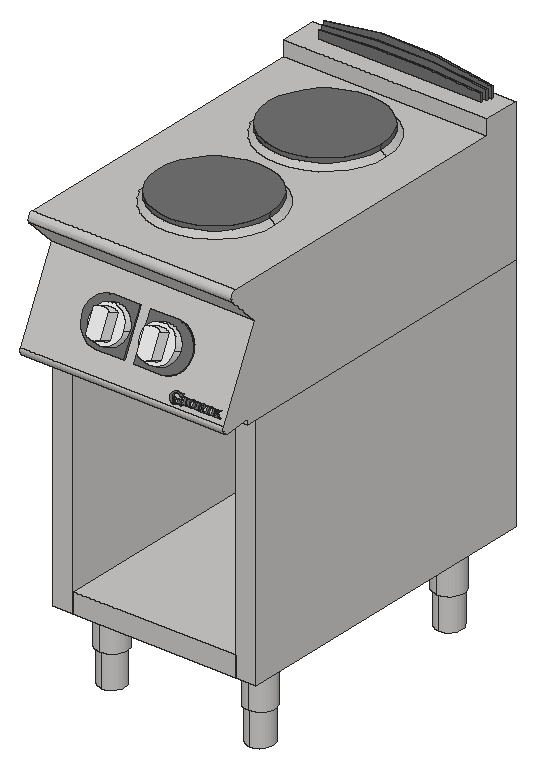
Revit family "QF_GIORIK_CE72TG", category Specialty Equipment, Revit 2014
Parameters (values of type "CE72TG")
  Weight in Pounds = 132.2772
  Watts = 5200 W
  Volts = 400 V
  URL Cutsheet = "www.giorik.com"
  URL = "www.giorik.com"
  Status [instance] = ""
  Specification by User [instance] = ""
  Specification by Manufacturer = ""
  Show Logo [instance] = yes
  Show Clearance [instance] = yes
  Serial Number = ""
  Seismic Rating = ""
  SMACNA No = ""
  Revision Code [instance] = ""
  Phase = 3
  Number of Poles [instance] = 3
  NAFEM Spec ID Number = ""
  Model = "CE72TG"
  Min Ckt Ampacity = 0 A
  Max Overcurrent Protection = 0 A
  Masterspec = ""
  Manufacturer = "GIORIK"
  Item Number [instance] = ""
  Installed By [instance] = ""
  Identify Quantity as Lot [instance] = no
  HP = "6.973304000000"
  Furnished By [instance] = ""
  Foodservice Equipment Identifier [instance] = yes
  FL Amps = 0 A
  Electrical Remarks [instance] = ""
  Electric Connection Type [instance] = ""
  Elec Conn RI Height [instance] = 0 mm
  Elec Conn Connection Height [instance] = 150 mm
  Description = "2 ELECTRIC ROUND PLATE HOB ON OPEN BASE UNIT"
  Cycle = 50 Hz
  Conn Plug = ""
  CSI MasterFormat = ""
  Assembly Code = "E1090320"
  Apparent Power = 5200 VA
Reference planes
  plane 1 "Back": y = 0
  plane 2: z = 0
  plane 3 "Left": x = 0
  plane 4 "Right": x = 400
  plane 5 "Front": y = -720
  plane 6 "Top": z = 900
Forms (mm)
  Extrusion 1, solid, visible <- "Show Logo"
    sketch origin (196.604, -736.761, 609.486) x (-1, 0, 0) y (0, 0.452718, 0.891654)
      loop
        line (-118.824, 58.358) -> (-127.804, 58.358) -> (-125.523, 56.445) -> (-125.523, 48.027) -> (-127.804, 46.113) -> (-118.824, 46.113) -> (-121.105, 48.027) -> (-121.105, 56.445) -> (-118.824, 58.358)
      loop
        line (-163.721, 58.358) -> (-172.7, 58.358) -> (-170.42, 56.445) -> (-170.42, 48.027) -> (-172.7, 46.113) -> (-163.721, 46.113) -> (-166.001, 48.027) -> (-166.001, 56.445) -> (-163.721, 58.358)
      loop
        line (-174.332, 58.358) -> (-183.312, 58.358) -> (-181.031, 56.445) -> (-181.031, 52.435) -> (-186.419, 56.955) -> (-184.416, 58.358) -> (-191.268, 58.358) -> (-188.01, 56.839) -> (-185.455, 54.283) -> (-190.846, 47.858) -> (-193.396, 46.93) -> (-193.396, 46.113) -> (-184.416, 46.113) -> (-185.437, 47.571) -> (-182.443, 51.552) -> (-181.031, 50.894) -> (-181.031, 48.027) -> (-183.312, 46.113) -> (-174.332, 46.113) -> (-176.613, 48.027) -> (-176.613, 56.445) -> (-174.332, 58.358)
      loop
        line (-115.429, 62.063) -> (-115.429, 54.198)
        arc (-115.429, 54.198) -> (-111.618, 57.803) -> (-106.847, 59.986) r 16.039
        arc (-106.847, 59.986) -> (-103.314, 59.837) -> (-100.512, 57.68) r 5.851
        arc (-100.512, 57.68) -> (-98.815, 52.267) -> (-100.512, 46.853) r 9.479
        arc (-100.512, 46.853) -> (-102.406, 44.986) -> (-104.846, 43.93) r 7.236
        arc (-104.846, 43.93) -> (-107.728, 44.111) -> (-110.052, 45.825) r 5.11
        line (-110.052, 45.825) -> (-110.052, 52.001) -> (-116.141, 52.001) -> (-116.141, 45.503) -> (-117.893, 43.751) -> (-114.094, 44.769)
        arc (-114.094, 44.769) -> (-112.56, 44.947) -> (-111.129, 44.366) r 3.115
        arc (-111.129, 44.366) -> (-104.216, 42.091) -> (-97.303, 44.366) r 11.641
        arc (-97.303, 44.366) -> (-93.396, 52.107) -> (-97.303, 59.849) r 9.622
        arc (-97.303, 59.849) -> (-104.369, 62.174) -> (-111.435, 59.849) r 11.898
        line (-111.435, 59.849) -> (-115.429, 62.063)
      loop
        arc (-129.234, 56.068) -> (-135.893, 58.628) -> (-142.552, 56.068) r 9.941
        arc (-142.552, 56.068) -> (-144.234, 52.286) -> (-142.552, 48.505) r 5.093
        arc (-142.552, 48.505) -> (-135.893, 45.945) -> (-129.234, 48.505) r 9.941
        arc (-129.234, 48.505) -> (-127.552, 52.286) -> (-129.234, 56.068) r 5.093
      loop
        arc (-132.628, 54.403) -> (-135.893, 57.668) -> (-139.158, 54.403) r 3.265
        line (-139.158, 54.403) -> (-139.158, 50.169)
        arc (-139.158, 50.169) -> (-135.893, 46.904) -> (-132.628, 50.169) r 3.265
        line (-132.628, 50.169) -> (-132.628, 54.403)
      loop
        arc (-156.363, 58.365) -> (-159.647, 55.081) -> (-156.363, 51.796) r 3.285
        line (-156.363, 51.796) -> (-159.529, 47.306) -> (-162.087, 46.113) -> (-155.847, 46.113) -> (-153.529, 51.083) -> (-150.637, 51.083) -> (-150.637, 47.784) -> (-153.022, 46.113) -> (-144.011, 46.113) -> (-146.094, 47.68) -> (-146.094, 56.493) -> (-144.229, 58.365) -> (-156.363, 58.365)
      loop
        line (-150.637, 57.512) -> (-153.637, 57.512)
        arc (-153.637, 57.512) -> (-156.237, 54.912) -> (-153.637, 52.312) r 2.6
        line (-153.637, 52.312) -> (-150.637, 52.312) -> (-150.637, 57.512)
      loop
        line (-108.924, 52.001) -> (-104.936, 49.005) -> (-100.948, 52.001) -> (-108.924, 52.001)
    from 1.5 to -0.5
  Extrusion 2, solid
    sketch origin (-16, 1025.81, 0) x (1, 0, 0) y (0, 1, 0)
      loop
        line (25, -1086.81) -> (25, -1156.81) -> (115, -1156.81) -> (115, -1086.81) -> (25, -1086.81)
    from 148 to 150
  Extrusion 3, solid
    sketch origin (-4, 0, 130) x (1, 0, 0) y (0, 1, 0)
      loop
        circle (54, -385) r 12.5
    from 0 to 20
  Extrusion 4, solid
    sketch origin (0, 1000, -20) x (0, 1, 0) y (0, 0, 1)
      loop
        line (-1000, 919.988) -> (-1070, 919.988) -> (-1070, 889.988) -> (-1688.806, 889.988)
        arc (-1688.806, 889.988) -> (-1699.151, 883.075) -> (-1696.724, 870.873) r 11.197
        line (-1696.724, 870.873) -> (-1640.876, 815.025) -> (-1718.948, 661.258)
        arc (-1718.948, 661.258) -> (-1718.233, 650.105) -> (-1708.118, 645.354) r 10.981
        line (-1708.118, 645.354) -> (-1660, 649.925) -> (-1660, 640) -> (-1000, 640) -> (-1000, 919.988)
    from 0 to 400
  Extrusion 5, solid
    sketch origin (0, 0, 599.536) x (1, 0, 0) y (0, 1, 0)
      loop
        line (0, -640) -> (40, -640) -> (40, -40) -> (360, -40) -> (360, -640) -> (400, -640) -> (400, 0) -> (0, 0) -> (0, -640)
    from -449.536 to 20.464
  Extrusion 6, solid
    sketch origin (0, 0, 0) x (1, 0, 0) y (0, 1, 0)
      loop
        line (40, -40) -> (40, -640) -> (360, -640) -> (360, -40) -> (40, -40)
    from 150 to 190
  Extrusion 7, solid
    sketch origin (-16, 560.81, 0) x (1, 0, 0) y (0, 1, 0)
      loop
        line (25, -1086.81) -> (25, -1156.81) -> (115, -1156.81) -> (115, -1086.81) -> (25, -1086.81)
    from 148 to 150
  Revolve 8, solid
    sketch origin (54, 560.81, 0) x (0, 1, 0) y (0, 0, 1)
      loop
        line (-1092.56, 66) -> (-1092.56, 148) -> (-1121.81, 148) -> (-1121.81, 0) -> (-1096.81, 0) -> (-1096.81, 66) -> (-1092.56, 66)
      axis (-1121.81, 0) -> (-1121.81, 148)
    angle from 0 to 360
  Revolve 9, solid
    sketch origin (54, 1025.81, 0) x (0, 1, 0) y (0, 0, 1)
      loop
        line (-1092.56, 66) -> (-1092.56, 148) -> (-1121.81, 148) -> (-1121.81, 0) -> (-1096.81, 0) -> (-1096.81, 66) -> (-1092.56, 66)
      axis (-1121.81, 0) -> (-1121.81, 148)
    angle from 0 to 360
  Extrusion 10, solid
    sketch origin (416, 560.81, 0) x (-1, 0, 0) y (0, -1, 0)
      loop
        line (25, 1086.81) -> (115, 1086.81) -> (115, 1156.81) -> (25, 1156.81) -> (25, 1086.81)
    from 148 to 150
  Revolve 11, solid
    sketch origin (346, 560.81, 0) x (0, 1, 0) y (0, 0, -1)
      loop
        line (-1092.56, -66) -> (-1096.81, -66) -> (-1096.81, 0) -> (-1121.81, 0) -> (-1121.81, -148) -> (-1092.56, -148) -> (-1092.56, -66)
      axis (-1121.81, 0) -> (-1121.81, -148)
    angle from 0 to 360
  Extrusion 12, solid
    sketch origin (416, -1217.81, 0) x (-1, 0, 0) y (0, -1, 0)
      loop
        line (25, -1086.81) -> (25, -1156.81) -> (115, -1156.81) -> (115, -1086.81) -> (25, -1086.81)
    from 148 to 150
  Revolve 13, solid
    sketch origin (346, -1217.81, 0) x (0, -1, 0) y (0, 0, 1)
      loop
        line (-1092.56, 66) -> (-1092.56, 148) -> (-1121.81, 148) -> (-1121.81, 0) -> (-1096.81, 0) -> (-1096.81, 66) -> (-1092.56, 66)
      axis (-1121.81, 0) -> (-1121.81, 148)
    angle from 0 to 360
  Extrusion 14, solid
    sketch origin (-273.221, -963.345, 52.363) x (1, 0, 0) y (0, 0.452718, 0.891654)
      loop
        line (463.221, 676.25) -> (463.221, 766.25) -> (409.698, 766.25)
        arc (409.698, 766.25) -> (364.698, 721.25) -> (409.698, 676.25) r 45
        line (409.698, 676.25) -> (463.221, 676.25)
    from 48 to 50
  Extrusion 15, solid
    sketch origin (501.331, -1008.697, 74.959) x (-1, 0, 0) y (0, -0.45351, -0.891251)
      loop
        circle (351.331, -721.346) r 35
    from 0 to 15
  Extrusion 16, solid
    sketch origin (501.331, -1008.697, 74.959) x (-1, 0, 0) y (0, -0.45351, -0.891251)
      loop
        arc (336.331, -743.846) -> (351.331, -748.846) -> (366.331, -743.846) r 25
        line (366.331, -743.846) -> (366.331, -698.846)
        arc (366.331, -698.846) -> (351.331, -693.846) -> (336.331, -698.846) r 25
        line (336.331, -698.846) -> (336.331, -743.846)
    from 15 to 40
  Extrusion 17, solid
    sketch origin (-94, 0, -10.001) x (1, 0, 0) y (0, 0, 1)
      loop
        line (135, 909.989) -> (453, 909.989) -> (453, 925.527) -> (347.056, 931.749) -> (240.944, 931.749) -> (135, 925.527) -> (135, 909.989)
    from 32 to 35
  Extrusion 18, solid
    sketch origin (-92, 10, -10.001) x (1, 0, 0) y (0, 0, 1)
      loop
        line (454, 909.989) -> (454, 928.527) -> (346.162, 939.193) -> (237.838, 939.193) -> (130, 928.527) -> (130, 909.989) -> (454, 909.989)
    from 32 to 35
  Extrusion 19, solid
    sketch origin (-90, 20, -10.001) x (1, 0, 0) y (0, 0, 1)
      loop
        line (455, 909.989) -> (455, 930.527) -> (345.396, 947.413) -> (234.604, 947.413) -> (125, 930.527) -> (125, 909.989) -> (455, 909.989)
    from 32 to 35
  Extrusion 20, solid
    sketch origin (673.255, -963.345, 52.363) x (-1, 0, 0) y (0, -0.452718, -0.891654)
      loop
        line (463.221, -676.25) -> (409.698, -676.25)
        arc (409.698, -676.25) -> (364.698, -721.25) -> (409.698, -766.25) r 45
        line (409.698, -766.25) -> (463.221, -766.25) -> (463.221, -676.25)
    from 48 to 50
  Extrusion 21, solid
    sketch origin (-101.297, -1008.697, 74.959) x (1, 0, 0) y (0, 0.45351, 0.891251)
      loop
        circle (351.331, 721.346) r 35
    from 0 to 15
  Extrusion 22, solid
    sketch origin (-101.297, -1008.697, 74.959) x (1, 0, 0) y (0, 0.45351, 0.891251)
      loop
        line (336.331, 743.846) -> (336.331, 698.846)
        arc (336.331, 698.846) -> (351.331, 693.846) -> (366.331, 698.846) r 25
        line (366.331, 698.846) -> (366.331, 743.846)
        arc (366.331, 743.846) -> (351.331, 748.846) -> (336.331, 743.846) r 25
    from 15 to 40
  Extrusion 23, solid
    sketch origin (10, 12.5, 864.988) x (0, 1, 0) y (-1, 0, 0)
      loop
        circle (-231.5, -189.999) r 110
    from 23 to 15
  Blend 24, solid
    base sketch origin (754.36, -810.004, 869.988) x (0, 1, 0) y (-1, 0, 0)
      loop
        circle (591.004, 554.361) r 120
    top sketch origin (754.36, -810.004, 900) x (0, 1, 0) y (-1, 0, 0)
      loop
        circle (591.004, 554.361) r 110
    from 0 to -20.012
  Extrusion 25, solid
    sketch origin (10, -723.5, 864.988) x (0, -1, 0) y (1, 0, 0)
      loop
        circle (-231.5, 189.999) r 110
    from 23 to 15
  Blend 26, solid
    base sketch origin (754.36, 99.004, 869.988) x (0, -1, 0) y (1, 0, 0)
      loop
        circle (591.004, -554.361) r 120
    top sketch origin (754.36, 99.004, 900) x (0, -1, 0) y (1, 0, 0)
      loop
        circle (591.004, -554.361) r 110
    from 0 to -20.012
Lines and regions (mm)
  symbolic lines, style "200-EquipBorder-2D"
    curve 1: line (0, -720, 0) -> (400, -720, 0)
    curve 2: line (400, -720, 0) -> (400, 0, 0)
    curve 3: line (400, 0, 0) -> (0, 0, 0)
    curve 4: line (0, 0, 0) -> (0, -720, 0)
  symbolic lines, style "200-EquipInternal-2D"
    curve 5: line (0, -70, 900) -> (400, -70, 900)
    curve 6: line (35, -12, 900) -> (365, -12, 900)
    curve 7: line (365, -12, 900) -> (365, -15, 900)
    curve 8: line (365, -15, 900) -> (35, -15, 900)
    curve 9: line (35, -15, 900) -> (35, -12, 900)
    curve 10: line (38, -22, 900) -> (362, -22, 900)
    curve 11: line (362, -22, 900) -> (362, -25, 900)
    curve 12: line (362, -25, 900) -> (38, -25, 900)
    curve 13: line (38, -25, 900) -> (38, -22, 900)
    curve 14: line (41, -32, 900) -> (359, -32, 900)
    curve 15: line (359, -32, 900) -> (359, -35, 900)
    curve 16: line (359, -35, 900) -> (41, -35, 900)
    curve 17: line (41, -35, 900) -> (41, -32, 900)
    curve 18: circle (200, -219, 900) r 120 normal (0, 0, 1)
    curve 19: circle (200, -219, 900) r 109.999 normal (0, 0, 1)
    curve 20: circle (200, -492, 900) r 109.999 normal (0, 0, 1)
    curve 21: circle (200, -492, 900) r 119.999 normal (0, 0, 1)
Dimensions and locks
  plane 3 "Left" to plane 4 "Right" = 400 mm
  plane 5 "Front" to plane 1 "Back" = 720 mm
  plane 4 "Right" to plane 3 "Left" = 400 mm
  plane 1 "Back" to plane 5 "Front" = 720 mm
  plane 6 "Top" to level = 900 mm  (x2)
  aligned and locked: level to plane 2
Connectors
  electrical at (50, -385, 130), driven by "Apparent Power", driven by "Volts", driven by "Number of Poles"
    settings: on Extrusion 3, index 1, voltage 400 V, apparent load 0 VA, apparent load phase1 5200 VA, apparent load phase2 0 VA, apparent load phase3 0 VA, power factor 1, load classification "Other", number of poles 3, system type 31, power factor state 1, is connector primary yes, connector utility no, sub classification motor no, connector description "Electrical connection"
